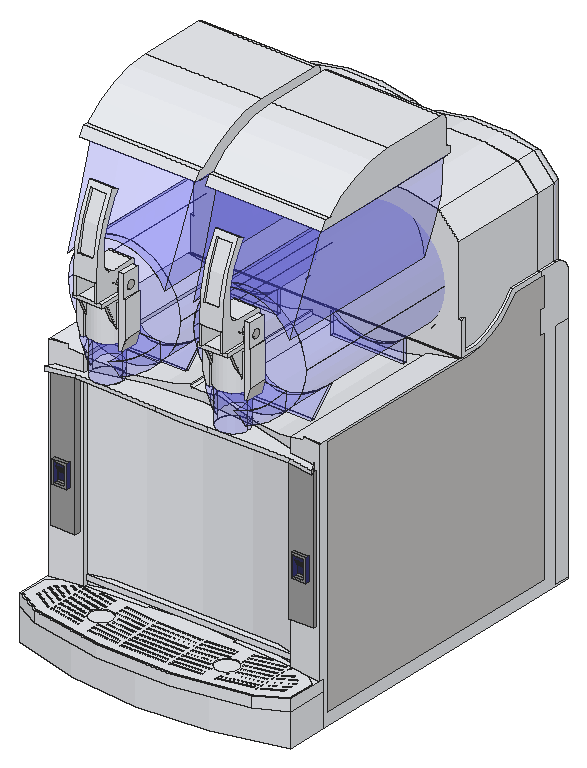
Revit family "QF_ELECTROLUXPROFESSIONAL_560023_NINA2ITNK", category Specialty Equipment, Revit 2018 (continued)
Automatic sketch dimensions
  curve 67 to curve 101 = 0.0 mm  (x2)
  curve 67 to curve 116 = 0.0 mm  (x2)
  curve 67 to curve 117 = 0.0 mm  (x2)
  curve 67 to curve 134 = 0.0 mm  (x2)
  curve 67 to curve 135 = 0.0 mm  (x2)
  curve 67 to curve 136 = 0.0 mm  (x2)
  curve 67 to curve 137 = 0.0 mm  (x2)
  curve 67 to curve 138 = 0.0 mm  (x2)
  curve 67 to curve 139 = 0.0 mm  (x2)
  curve 67 to curve 140 = 0.0 mm  (x2)
  curve 67 to curve 141 = 0.0 mm  (x2)
  curve 67 to curve 142 = 0.0 mm  (x2)
  curve 67 to curve 143 = 0.0 mm  (x2)
  curve 67 to curve 144 = 0.0 mm  (x2)
  curve 67 to curve 145 = 0.0 mm  (x2)
  curve 67 to curve 146 = 0.0 mm  (x2)
  curve 67 to curve 147 = 0.0 mm  (x2)
  curve 67 to curve 148 = 0.0 mm  (x2)
  curve 67 to curve 167 = 0.0 mm  (x2)
  curve 67 to curve 168 = 0.0 mm  (x2)
  curve 67 to curve 169 = 0.0 mm  (x2)
  curve 67 to curve 170 = 0.0 mm  (x2)
  curve 67 to curve 171 = 0.0 mm  (x2)
  curve 67 to curve 172 = 0.0 mm  (x2)
  curve 67 to curve 173 = 0.0 mm  (x2)
  curve 67 to curve 174 = 0.0 mm  (x2)
  curve 67 to curve 175 = 0.0 mm  (x2)
  curve 67 to curve 176 = 0.0 mm  (x2)
  curve 67 to curve 177 = 0.0 mm  (x2)
  curve 68 to curve 69 = 0.0 mm  (x2)
  curve 68 to curve 70 = 0.0 mm  (x2)
  curve 68 to curve 71 = 0.0 mm  (x2)
  curve 68 to curve 72 = 0.0 mm  (x2)
  curve 68 to curve 91 = 0.0 mm  (x2)
  curve 68 to curve 92 = 0.0 mm  (x2)
  curve 68 to curve 93 = 0.0 mm  (x2)
  curve 68 to curve 94 = 0.0 mm  (x2)
  curve 68 to curve 95 = 0.0 mm  (x2)
  curve 68 to curve 96 = 0.0 mm  (x2)
  curve 68 to curve 97 = 0.0 mm  (x2)
  curve 68 to curve 98 = 0.0 mm  (x2)
  curve 68 to curve 99 = 0.0 mm  (x2)
  curve 68 to curve 100 = 0.0 mm  (x2)
  curve 68 to curve 101 = 0.0 mm  (x2)
  curve 68 to curve 116 = 0.0 mm  (x2)
  curve 68 to curve 117 = 0.0 mm  (x2)
  curve 68 to curve 134 = 0.0 mm  (x2)
  curve 68 to curve 135 = 0.0 mm  (x2)
  curve 68 to curve 136 = 0.0 mm  (x2)
  curve 68 to curve 137 = 0.0 mm  (x2)
  curve 68 to curve 138 = 0.0 mm  (x2)
  curve 68 to curve 139 = 0.0 mm  (x2)
  curve 68 to curve 140 = 0.0 mm  (x2)
  curve 68 to curve 141 = 0.0 mm  (x2)
  curve 68 to curve 142 = 0.0 mm  (x2)
  curve 68 to curve 143 = 0.0 mm  (x2)
  curve 68 to curve 144 = 0.0 mm  (x2)
  curve 68 to curve 145 = 0.0 mm  (x2)
  curve 68 to curve 146 = 0.0 mm  (x2)
  curve 68 to curve 147 = 0.0 mm  (x2)
  curve 68 to curve 148 = 0.0 mm  (x2)
  curve 68 to curve 167 = 0.0 mm  (x2)
  curve 68 to curve 168 = 0.0 mm  (x2)
  curve 68 to curve 169 = 0.0 mm  (x2)
  curve 68 to curve 170 = 0.0 mm  (x2)
  curve 68 to curve 171 = 0.0 mm  (x2)
  curve 68 to curve 172 = 0.0 mm  (x2)
  curve 68 to curve 173 = 0.0 mm  (x2)
  curve 68 to curve 174 = 0.0 mm  (x2)
  curve 68 to curve 175 = 0.0 mm  (x2)
  curve 68 to curve 176 = 0.0 mm  (x2)
  curve 68 to curve 177 = 0.0 mm  (x2)
  curve 69 to curve 70 = 0.0 mm  (x2)
  curve 69 to curve 71 = 0.0 mm  (x2)
  curve 69 to curve 72 = 0.0 mm  (x2)
  curve 69 to curve 91 = 0.0 mm  (x2)
  curve 69 to curve 92 = 0.0 mm  (x2)
  curve 69 to curve 93 = 0.0 mm  (x2)
  curve 69 to curve 94 = 0.0 mm  (x2)
  curve 69 to curve 95 = 0.0 mm  (x2)
  curve 69 to curve 96 = 0.0 mm  (x2)
  curve 69 to curve 97 = 0.0 mm  (x2)
  curve 69 to curve 98 = 0.0 mm  (x2)
  curve 69 to curve 99 = 0.0 mm  (x2)
  curve 69 to curve 100 = 0.0 mm  (x2)
  curve 69 to curve 101 = 0.0 mm  (x2)
  curve 69 to curve 116 = 0.0 mm  (x2)
  curve 69 to curve 117 = 0.0 mm  (x2)
  curve 69 to curve 134 = 0.0 mm  (x2)
  curve 69 to curve 135 = 0.0 mm  (x2)
  curve 69 to curve 136 = 0.0 mm  (x2)
  curve 69 to curve 137 = 0.0 mm  (x2)
  curve 69 to curve 138 = 0.0 mm  (x2)
  curve 69 to curve 139 = 0.0 mm  (x2)
  curve 69 to curve 140 = 0.0 mm  (x2)
  curve 69 to curve 141 = 0.0 mm  (x2)
  curve 69 to curve 142 = 0.0 mm  (x2)
  curve 69 to curve 143 = 0.0 mm  (x2)
  curve 69 to curve 144 = 0.0 mm  (x2)
  curve 69 to curve 145 = 0.0 mm  (x2)
  curve 69 to curve 146 = 0.0 mm  (x2)
  curve 69 to curve 147 = 0.0 mm  (x2)
  curve 69 to curve 148 = 0.0 mm  (x2)
  curve 69 to curve 167 = 0.0 mm  (x2)
  curve 69 to curve 168 = 0.0 mm  (x2)
  curve 69 to curve 169 = 0.0 mm  (x2)
  curve 69 to curve 170 = 0.0 mm  (x2)
  curve 69 to curve 171 = 0.0 mm  (x2)
  curve 69 to curve 172 = 0.0 mm  (x2)
  curve 69 to curve 173 = 0.0 mm  (x2)
  curve 69 to curve 174 = 0.0 mm  (x2)
  curve 69 to curve 175 = 0.0 mm  (x2)
  curve 69 to curve 176 = 0.0 mm  (x2)
  curve 69 to curve 177 = 0.0 mm  (x2)
  curve 70 to curve 71 = 0.0 mm  (x2)
  curve 70 to curve 72 = 0.0 mm  (x2)
  curve 70 to curve 91 = 0.0 mm  (x2)
  curve 70 to curve 92 = 0.0 mm  (x2)
  curve 70 to curve 93 = 0.0 mm  (x2)
  curve 70 to curve 94 = 0.0 mm  (x2)
  curve 70 to curve 95 = 0.0 mm  (x2)
  curve 70 to curve 96 = 0.0 mm  (x2)
  curve 70 to curve 97 = 0.0 mm  (x2)
  curve 70 to curve 98 = 0.0 mm  (x2)
  curve 70 to curve 99 = 0.0 mm  (x2)
  curve 70 to curve 100 = 0.0 mm  (x2)
  curve 70 to curve 101 = 0.0 mm  (x2)
  curve 70 to curve 116 = 0.0 mm  (x2)
  curve 70 to curve 117 = 0.0 mm  (x2)
  curve 70 to curve 134 = 0.0 mm  (x2)
  curve 70 to curve 135 = 0.0 mm  (x2)
  curve 70 to curve 136 = 0.0 mm  (x2)
  curve 70 to curve 137 = 0.0 mm  (x2)
  curve 70 to curve 138 = 0.0 mm  (x2)
  curve 70 to curve 139 = 0.0 mm  (x2)
  curve 70 to curve 140 = 0.0 mm  (x2)
  curve 70 to curve 141 = 0.0 mm  (x2)
  curve 70 to curve 142 = 0.0 mm  (x2)
  curve 70 to curve 143 = 0.0 mm  (x2)
  curve 70 to curve 144 = 0.0 mm  (x2)
  curve 70 to curve 145 = 0.0 mm  (x2)
  curve 70 to curve 146 = 0.0 mm  (x2)
  curve 70 to curve 147 = 0.0 mm  (x2)
  curve 70 to curve 148 = 0.0 mm  (x2)
  curve 70 to curve 167 = 0.0 mm  (x2)
  curve 70 to curve 168 = 0.0 mm  (x2)
  curve 70 to curve 169 = 0.0 mm  (x2)
  curve 70 to curve 170 = 0.0 mm  (x2)
  curve 70 to curve 171 = 0.0 mm  (x2)
  curve 70 to curve 172 = 0.0 mm  (x2)
  curve 70 to curve 173 = 0.0 mm  (x2)
  curve 70 to curve 174 = 0.0 mm  (x2)
  curve 70 to curve 175 = 0.0 mm  (x2)
  curve 70 to curve 176 = 0.0 mm  (x2)
  curve 70 to curve 177 = 0.0 mm  (x2)
  curve 71 to curve 72 = 0.0 mm  (x2)
  curve 71 to curve 91 = 0.0 mm  (x2)
  curve 71 to curve 92 = 0.0 mm  (x2)
  curve 71 to curve 93 = 0.0 mm  (x2)
  curve 71 to curve 94 = 0.0 mm  (x2)
  curve 71 to curve 95 = 0.0 mm  (x2)
  curve 71 to curve 96 = 0.0 mm  (x2)
  curve 71 to curve 97 = 0.0 mm  (x2)
  curve 71 to curve 98 = 0.0 mm  (x2)
  curve 71 to curve 99 = 0.0 mm  (x2)
  curve 71 to curve 100 = 0.0 mm  (x2)
  curve 71 to curve 101 = 0.0 mm  (x2)
  curve 71 to curve 116 = 0.0 mm  (x2)
  curve 71 to curve 117 = 0.0 mm  (x2)
  curve 71 to curve 134 = 0.0 mm  (x2)
  curve 71 to curve 135 = 0.0 mm  (x2)
  curve 71 to curve 136 = 0.0 mm  (x2)
  curve 71 to curve 137 = 0.0 mm  (x2)
  curve 71 to curve 138 = 0.0 mm  (x2)
  curve 71 to curve 139 = 0.0 mm  (x2)
  curve 71 to curve 140 = 0.0 mm  (x2)
  curve 71 to curve 141 = 0.0 mm  (x2)
  curve 71 to curve 142 = 0.0 mm  (x2)
  curve 71 to curve 143 = 0.0 mm  (x2)
  curve 71 to curve 144 = 0.0 mm  (x2)
  curve 71 to curve 145 = 0.0 mm  (x2)
  curve 71 to curve 146 = 0.0 mm  (x2)
  curve 71 to curve 147 = 0.0 mm  (x2)
  curve 71 to curve 148 = 0.0 mm  (x2)
  curve 71 to curve 167 = 0.0 mm  (x2)
  curve 71 to curve 168 = 0.0 mm  (x2)
  curve 71 to curve 169 = 0.0 mm  (x2)
  curve 71 to curve 170 = 0.0 mm  (x2)
  curve 71 to curve 171 = 0.0 mm  (x2)
  curve 71 to curve 172 = 0.0 mm  (x2)
  curve 71 to curve 173 = 0.0 mm  (x2)
  curve 71 to curve 174 = 0.0 mm  (x2)
  curve 71 to curve 175 = 0.0 mm  (x2)
  curve 71 to curve 176 = 0.0 mm  (x2)
  curve 71 to curve 177 = 0.0 mm  (x2)
  curve 72 to curve 91 = 0.0 mm  (x2)
  curve 72 to curve 92 = 0.0 mm  (x2)
  curve 72 to curve 93 = 0.0 mm  (x2)
  curve 72 to curve 94 = 0.0 mm  (x2)
  curve 72 to curve 95 = 0.0 mm  (x2)
  curve 72 to curve 96 = 0.0 mm  (x2)
  curve 72 to curve 97 = 0.0 mm  (x2)
  curve 72 to curve 98 = 0.0 mm  (x2)
  curve 72 to curve 99 = 0.0 mm  (x2)
  curve 72 to curve 100 = 0.0 mm  (x2)
  curve 72 to curve 101 = 0.0 mm  (x2)
  curve 72 to curve 116 = 0.0 mm  (x2)
  curve 72 to curve 117 = 0.0 mm  (x2)
  curve 72 to curve 134 = 0.0 mm  (x2)
  curve 72 to curve 135 = 0.0 mm  (x2)
  curve 72 to curve 136 = 0.0 mm  (x2)
  curve 72 to curve 137 = 0.0 mm  (x2)
  curve 72 to curve 138 = 0.0 mm  (x2)
  curve 72 to curve 139 = 0.0 mm  (x2)
  curve 72 to curve 140 = 0.0 mm  (x2)
  curve 72 to curve 141 = 0.0 mm  (x2)
  curve 72 to curve 142 = 0.0 mm  (x2)
  curve 72 to curve 143 = 0.0 mm  (x2)
  curve 72 to curve 144 = 0.0 mm  (x2)
  curve 72 to curve 145 = 0.0 mm  (x2)
  curve 72 to curve 146 = 0.0 mm  (x2)
  curve 72 to curve 147 = 0.0 mm  (x2)
  curve 72 to curve 148 = 0.0 mm  (x2)
  curve 72 to curve 167 = 0.0 mm  (x2)
  curve 72 to curve 168 = 0.0 mm  (x2)
  curve 72 to curve 169 = 0.0 mm  (x2)
  curve 72 to curve 170 = 0.0 mm  (x2)
  curve 72 to curve 171 = 0.0 mm  (x2)
  curve 72 to curve 172 = 0.0 mm  (x2)
  curve 72 to curve 173 = 0.0 mm  (x2)
  curve 72 to curve 174 = 0.0 mm  (x2)
  curve 72 to curve 175 = 0.0 mm  (x2)
  curve 72 to curve 176 = 0.0 mm  (x2)
  curve 72 to curve 177 = 0.0 mm  (x2)
  curve 91 to curve 92 = 0.0 mm  (x2)
  curve 91 to curve 93 = 0.0 mm  (x2)
  curve 91 to curve 94 = 0.0 mm  (x2)
  curve 91 to curve 95 = 0.0 mm  (x2)
  curve 91 to curve 96 = 0.0 mm  (x2)
  curve 91 to curve 97 = 0.0 mm  (x2)
  curve 91 to curve 98 = 0.0 mm  (x2)
  curve 91 to curve 99 = 0.0 mm  (x2)
  curve 91 to curve 100 = 0.0 mm  (x2)
  curve 91 to curve 101 = 0.0 mm  (x2)
  curve 91 to curve 116 = 0.0 mm  (x2)
  curve 91 to curve 117 = 0.0 mm  (x2)
  curve 91 to curve 134 = 0.0 mm  (x2)
  curve 91 to curve 135 = 0.0 mm  (x2)
  curve 91 to curve 136 = 0.0 mm  (x2)
  curve 91 to curve 137 = 0.0 mm  (x2)
  curve 91 to curve 138 = 0.0 mm  (x2)
  curve 91 to curve 139 = 0.0 mm  (x2)
  curve 91 to curve 140 = 0.0 mm  (x2)
  curve 91 to curve 141 = 0.0 mm  (x2)
  curve 91 to curve 142 = 0.0 mm  (x2)
  curve 91 to curve 143 = 0.0 mm  (x2)
  curve 91 to curve 144 = 0.0 mm  (x2)
  curve 91 to curve 145 = 0.0 mm  (x2)
  curve 91 to curve 146 = 0.0 mm  (x2)
  curve 91 to curve 147 = 0.0 mm  (x2)
  curve 91 to curve 148 = 0.0 mm  (x2)
  curve 91 to curve 167 = 0.0 mm  (x2)
  curve 91 to curve 168 = 0.0 mm  (x2)
  curve 91 to curve 169 = 0.0 mm  (x2)
  curve 91 to curve 170 = 0.0 mm  (x2)
  curve 91 to curve 171 = 0.0 mm  (x2)
  curve 91 to curve 172 = 0.0 mm  (x2)
  curve 91 to curve 173 = 0.0 mm  (x2)
  curve 91 to curve 174 = 0.0 mm  (x2)
  curve 91 to curve 175 = 0.0 mm  (x2)
  curve 91 to curve 176 = 0.0 mm  (x2)
  curve 91 to curve 177 = 0.0 mm  (x2)
  curve 92 to curve 93 = 0.0 mm  (x2)
  curve 92 to curve 94 = 0.0 mm  (x2)
  curve 92 to curve 95 = 0.0 mm  (x2)
  curve 92 to curve 96 = 0.0 mm  (x2)
  curve 92 to curve 97 = 0.0 mm  (x2)
  curve 92 to curve 98 = 0.0 mm  (x2)
  curve 92 to curve 99 = 0.0 mm  (x2)
  curve 92 to curve 100 = 0.0 mm  (x2)
  curve 92 to curve 101 = 0.0 mm  (x2)
  curve 92 to curve 116 = 0.0 mm  (x2)
  curve 92 to curve 117 = 0.0 mm  (x2)
  curve 92 to curve 134 = 0.0 mm  (x2)
  curve 92 to curve 135 = 0.0 mm  (x2)
  curve 92 to curve 136 = 0.0 mm  (x2)
  curve 92 to curve 137 = 0.0 mm  (x2)
  curve 92 to curve 138 = 0.0 mm  (x2)
  curve 92 to curve 139 = 0.0 mm  (x2)
  curve 92 to curve 140 = 0.0 mm  (x2)
  curve 92 to curve 141 = 0.0 mm  (x2)
  curve 92 to curve 142 = 0.0 mm  (x2)
  curve 92 to curve 143 = 0.0 mm  (x2)
  curve 92 to curve 144 = 0.0 mm  (x2)
  curve 92 to curve 145 = 0.0 mm  (x2)
  curve 92 to curve 146 = 0.0 mm  (x2)
  curve 92 to curve 147 = 0.0 mm  (x2)
  curve 92 to curve 148 = 0.0 mm  (x2)
  curve 92 to curve 167 = 0.0 mm  (x2)
  curve 92 to curve 168 = 0.0 mm  (x2)
  curve 92 to curve 169 = 0.0 mm  (x2)
  curve 92 to curve 170 = 0.0 mm  (x2)
  curve 92 to curve 171 = 0.0 mm  (x2)
  curve 92 to curve 172 = 0.0 mm  (x2)
  curve 92 to curve 173 = 0.0 mm  (x2)
  curve 92 to curve 174 = 0.0 mm  (x2)
  curve 92 to curve 175 = 0.0 mm  (x2)
  curve 92 to curve 176 = 0.0 mm  (x2)
  curve 92 to curve 177 = 0.0 mm  (x2)
  curve 93 to curve 94 = 0.0 mm  (x2)
  curve 93 to curve 95 = 0.0 mm  (x2)
  curve 93 to curve 96 = 0.0 mm  (x2)
  curve 93 to curve 97 = 0.0 mm  (x2)
  curve 93 to curve 98 = 0.0 mm  (x2)
  curve 93 to curve 99 = 0.0 mm  (x2)
  curve 93 to curve 100 = 0.0 mm  (x2)
  curve 93 to curve 101 = 0.0 mm  (x2)
  curve 93 to curve 116 = 0.0 mm  (x2)
  curve 93 to curve 117 = 0.0 mm  (x2)
  curve 93 to curve 134 = 0.0 mm  (x2)
  curve 93 to curve 135 = 0.0 mm  (x2)
  curve 93 to curve 136 = 0.0 mm  (x2)
  curve 93 to curve 137 = 0.0 mm  (x2)
  curve 93 to curve 138 = 0.0 mm  (x2)
  curve 93 to curve 139 = 0.0 mm  (x2)
  curve 93 to curve 140 = 0.0 mm  (x2)
  curve 93 to curve 141 = 0.0 mm  (x2)
  curve 93 to curve 142 = 0.0 mm  (x2)
  curve 93 to curve 143 = 0.0 mm  (x2)
  curve 93 to curve 144 = 0.0 mm  (x2)
  curve 93 to curve 145 = 0.0 mm  (x2)
  curve 93 to curve 146 = 0.0 mm  (x2)
  curve 93 to curve 147 = 0.0 mm  (x2)
  curve 93 to curve 148 = 0.0 mm  (x2)
  curve 93 to curve 167 = 0.0 mm  (x2)
  curve 93 to curve 168 = 0.0 mm  (x2)
  curve 93 to curve 169 = 0.0 mm  (x2)
  curve 93 to curve 170 = 0.0 mm  (x2)
  curve 93 to curve 171 = 0.0 mm  (x2)
  curve 93 to curve 172 = 0.0 mm  (x2)
  curve 93 to curve 173 = 0.0 mm  (x2)
  curve 93 to curve 174 = 0.0 mm  (x2)
  curve 93 to curve 175 = 0.0 mm  (x2)
  curve 93 to curve 176 = 0.0 mm  (x2)
  curve 93 to curve 177 = 0.0 mm  (x2)
  curve 94 to curve 95 = 0.0 mm  (x2)
  curve 94 to curve 96 = 0.0 mm  (x2)
  curve 94 to curve 97 = 0.0 mm  (x2)
  curve 94 to curve 98 = 0.0 mm  (x2)
  curve 94 to curve 99 = 0.0 mm  (x2)
  curve 94 to curve 100 = 0.0 mm  (x2)
  curve 94 to curve 101 = 0.0 mm  (x2)
  curve 94 to curve 116 = 0.0 mm  (x2)
  curve 94 to curve 117 = 0.0 mm  (x2)
  curve 94 to curve 134 = 0.0 mm  (x2)
  curve 94 to curve 135 = 0.0 mm  (x2)
  curve 94 to curve 136 = 0.0 mm  (x2)
  curve 94 to curve 137 = 0.0 mm  (x2)
  curve 94 to curve 138 = 0.0 mm  (x2)
  curve 94 to curve 139 = 0.0 mm  (x2)
  curve 94 to curve 140 = 0.0 mm  (x2)
  curve 94 to curve 141 = 0.0 mm  (x2)
  curve 94 to curve 142 = 0.0 mm  (x2)
  curve 94 to curve 143 = 0.0 mm  (x2)
  curve 94 to curve 144 = 0.0 mm  (x2)
  curve 94 to curve 145 = 0.0 mm  (x2)
  curve 94 to curve 146 = 0.0 mm  (x2)
  curve 94 to curve 147 = 0.0 mm  (x2)
  curve 94 to curve 148 = 0.0 mm  (x2)
  curve 94 to curve 167 = 0.0 mm  (x2)
  curve 94 to curve 168 = 0.0 mm  (x2)
  curve 94 to curve 169 = 0.0 mm  (x2)
  curve 94 to curve 170 = 0.0 mm  (x2)
  curve 94 to curve 171 = 0.0 mm  (x2)
  curve 94 to curve 172 = 0.0 mm  (x2)
  curve 94 to curve 173 = 0.0 mm  (x2)
  curve 94 to curve 174 = 0.0 mm  (x2)
  curve 94 to curve 175 = 0.0 mm  (x2)
  curve 94 to curve 176 = 0.0 mm  (x2)
  curve 94 to curve 177 = 0.0 mm  (x2)
  curve 95 to curve 96 = 0.0 mm  (x2)
  curve 95 to curve 97 = 0.0 mm  (x2)
  curve 95 to curve 98 = 0.0 mm  (x2)
  curve 95 to curve 99 = 0.0 mm  (x2)
  curve 95 to curve 100 = 0.0 mm  (x2)
  curve 95 to curve 101 = 0.0 mm  (x2)
  curve 95 to curve 116 = 0.0 mm  (x2)
  curve 95 to curve 117 = 0.0 mm  (x2)
  curve 95 to curve 134 = 0.0 mm  (x2)
  curve 95 to curve 135 = 0.0 mm  (x2)
  curve 95 to curve 136 = 0.0 mm  (x2)
  curve 95 to curve 137 = 0.0 mm  (x2)
  curve 95 to curve 138 = 0.0 mm  (x2)
  curve 95 to curve 139 = 0.0 mm  (x2)
  curve 95 to curve 140 = 0.0 mm  (x2)
  curve 95 to curve 141 = 0.0 mm  (x2)
  curve 95 to curve 142 = 0.0 mm  (x2)
  curve 95 to curve 143 = 0.0 mm  (x2)
  curve 95 to curve 144 = 0.0 mm  (x2)
  curve 95 to curve 145 = 0.0 mm  (x2)
  curve 95 to curve 146 = 0.0 mm  (x2)
  curve 95 to curve 147 = 0.0 mm  (x2)
  curve 95 to curve 148 = 0.0 mm  (x2)
  curve 95 to curve 167 = 0.0 mm  (x2)
  curve 95 to curve 168 = 0.0 mm  (x2)
  curve 95 to curve 169 = 0.0 mm  (x2)
  curve 95 to curve 170 = 0.0 mm  (x2)
  curve 95 to curve 171 = 0.0 mm  (x2)
  curve 95 to curve 172 = 0.0 mm  (x2)
  curve 95 to curve 173 = 0.0 mm  (x2)
  curve 95 to curve 174 = 0.0 mm  (x2)
  curve 95 to curve 175 = 0.0 mm  (x2)
  curve 95 to curve 176 = 0.0 mm  (x2)
  curve 95 to curve 177 = 0.0 mm  (x2)
  curve 96 to curve 97 = 0.0 mm  (x2)
  curve 96 to curve 98 = 0.0 mm  (x2)
  curve 96 to curve 99 = 0.0 mm  (x2)
  curve 96 to curve 100 = 0.0 mm  (x2)
  curve 96 to curve 101 = 0.0 mm  (x2)
  curve 96 to curve 116 = 0.0 mm  (x2)
  curve 96 to curve 117 = 0.0 mm  (x2)
  curve 96 to curve 134 = 0.0 mm  (x2)
  curve 96 to curve 135 = 0.0 mm  (x2)
  curve 96 to curve 136 = 0.0 mm  (x2)
  curve 96 to curve 137 = 0.0 mm  (x2)
  curve 96 to curve 138 = 0.0 mm  (x2)
  curve 96 to curve 139 = 0.0 mm  (x2)
  curve 96 to curve 140 = 0.0 mm  (x2)
  curve 96 to curve 141 = 0.0 mm  (x2)
  curve 96 to curve 142 = 0.0 mm  (x2)
  curve 96 to curve 143 = 0.0 mm  (x2)
  curve 96 to curve 144 = 0.0 mm  (x2)
  curve 96 to curve 145 = 0.0 mm  (x2)
  curve 96 to curve 146 = 0.0 mm  (x2)
  curve 96 to curve 147 = 0.0 mm  (x2)
  curve 96 to curve 148 = 0.0 mm  (x2)
  curve 96 to curve 167 = 0.0 mm  (x2)
  curve 96 to curve 168 = 0.0 mm  (x2)
  curve 96 to curve 169 = 0.0 mm  (x2)
  curve 96 to curve 170 = 0.0 mm  (x2)
  curve 96 to curve 171 = 0.0 mm  (x2)
  curve 96 to curve 172 = 0.0 mm  (x2)
  curve 96 to curve 173 = 0.0 mm  (x2)
  curve 96 to curve 174 = 0.0 mm  (x2)
  curve 96 to curve 175 = 0.0 mm  (x2)
  curve 96 to curve 176 = 0.0 mm  (x2)
  curve 96 to curve 177 = 0.0 mm  (x2)
  curve 97 to curve 98 = 0.0 mm  (x2)
  curve 97 to curve 99 = 0.0 mm  (x2)
  curve 97 to curve 100 = 0.0 mm  (x2)
  curve 97 to curve 101 = 0.0 mm  (x2)
  curve 97 to curve 116 = 0.0 mm  (x2)
  curve 97 to curve 117 = 0.0 mm  (x2)
  curve 97 to curve 134 = 0.0 mm  (x2)
  curve 97 to curve 135 = 0.0 mm  (x2)
  curve 97 to curve 136 = 0.0 mm  (x2)
  curve 97 to curve 137 = 0.0 mm  (x2)
  curve 97 to curve 138 = 0.0 mm  (x2)
  curve 97 to curve 139 = 0.0 mm  (x2)
  curve 97 to curve 140 = 0.0 mm  (x2)
  curve 97 to curve 141 = 0.0 mm  (x2)
  curve 97 to curve 142 = 0.0 mm  (x2)
  curve 97 to curve 143 = 0.0 mm  (x2)
  curve 97 to curve 144 = 0.0 mm  (x2)
  curve 97 to curve 145 = 0.0 mm  (x2)
  curve 97 to curve 146 = 0.0 mm  (x2)
  curve 97 to curve 147 = 0.0 mm  (x2)
  curve 97 to curve 148 = 0.0 mm  (x2)
  curve 97 to curve 167 = 0.0 mm  (x2)
  curve 97 to curve 168 = 0.0 mm  (x2)
  curve 97 to curve 169 = 0.0 mm  (x2)
  curve 97 to curve 170 = 0.0 mm  (x2)
  curve 97 to curve 171 = 0.0 mm  (x2)
  curve 97 to curve 172 = 0.0 mm  (x2)
  curve 97 to curve 173 = 0.0 mm  (x2)
  curve 97 to curve 174 = 0.0 mm  (x2)
  curve 97 to curve 175 = 0.0 mm  (x2)
  curve 97 to curve 176 = 0.0 mm  (x2)
  curve 97 to curve 177 = 0.0 mm  (x2)
  curve 98 to curve 99 = 0.0 mm  (x2)
  curve 98 to curve 100 = 0.0 mm  (x2)
  curve 98 to curve 101 = 0.0 mm  (x2)
  curve 98 to curve 116 = 0.0 mm  (x2)
  curve 98 to curve 117 = 0.0 mm  (x2)
  curve 98 to curve 134 = 0.0 mm  (x2)
  curve 98 to curve 135 = 0.0 mm  (x2)
  curve 98 to curve 136 = 0.0 mm  (x2)
  curve 98 to curve 137 = 0.0 mm  (x2)
  curve 98 to curve 138 = 0.0 mm  (x2)
  curve 98 to curve 139 = 0.0 mm  (x2)
  curve 98 to curve 140 = 0.0 mm  (x2)
  curve 98 to curve 141 = 0.0 mm  (x2)
  curve 98 to curve 142 = 0.0 mm  (x2)
  curve 98 to curve 143 = 0.0 mm  (x2)
  curve 98 to curve 144 = 0.0 mm  (x2)
  curve 98 to curve 145 = 0.0 mm  (x2)
  curve 98 to curve 146 = 0.0 mm  (x2)
  curve 98 to curve 147 = 0.0 mm  (x2)
  curve 98 to curve 148 = 0.0 mm  (x2)
  curve 98 to curve 167 = 0.0 mm  (x2)
  curve 98 to curve 168 = 0.0 mm  (x2)
  curve 98 to curve 169 = 0.0 mm  (x2)
  curve 98 to curve 170 = 0.0 mm  (x2)
  curve 98 to curve 171 = 0.0 mm  (x2)
  curve 98 to curve 172 = 0.0 mm  (x2)
  curve 98 to curve 173 = 0.0 mm  (x2)
  curve 98 to curve 174 = 0.0 mm  (x2)
  curve 98 to curve 175 = 0.0 mm  (x2)
  curve 98 to curve 176 = 0.0 mm  (x2)
  curve 98 to curve 177 = 0.0 mm  (x2)
  curve 99 to curve 100 = 0.0 mm  (x2)
  curve 99 to curve 101 = 0.0 mm  (x2)
  curve 99 to curve 116 = 0.0 mm  (x2)
  curve 99 to curve 117 = 0.0 mm  (x2)
  curve 99 to curve 134 = 0.0 mm  (x2)
  curve 99 to curve 135 = 0.0 mm  (x2)
  curve 99 to curve 136 = 0.0 mm  (x2)
  curve 99 to curve 137 = 0.0 mm  (x2)
  curve 99 to curve 138 = 0.0 mm  (x2)
  curve 99 to curve 139 = 0.0 mm  (x2)
  curve 99 to curve 140 = 0.0 mm  (x2)
  curve 99 to curve 141 = 0.0 mm  (x2)
  curve 99 to curve 142 = 0.0 mm  (x2)
  curve 99 to curve 143 = 0.0 mm  (x2)
  curve 99 to curve 144 = 0.0 mm  (x2)
  curve 99 to curve 145 = 0.0 mm  (x2)
  curve 99 to curve 146 = 0.0 mm  (x2)
  curve 99 to curve 147 = 0.0 mm  (x2)
  curve 99 to curve 148 = 0.0 mm  (x2)
  curve 99 to curve 167 = 0.0 mm  (x2)
  curve 99 to curve 168 = 0.0 mm  (x2)
  curve 99 to curve 169 = 0.0 mm  (x2)
  curve 99 to curve 170 = 0.0 mm  (x2)
  curve 99 to curve 171 = 0.0 mm  (x2)
  curve 99 to curve 172 = 0.0 mm  (x2)
  curve 99 to curve 173 = 0.0 mm  (x2)
  curve 99 to curve 174 = 0.0 mm  (x2)
  curve 99 to curve 175 = 0.0 mm  (x2)
  curve 99 to curve 176 = 0.0 mm  (x2)
  curve 99 to curve 177 = 0.0 mm  (x2)
  curve 100 to curve 101 = 0.0 mm  (x2)
  curve 100 to curve 116 = 0.0 mm  (x2)
  curve 100 to curve 117 = 0.0 mm  (x2)
  curve 100 to curve 134 = 0.0 mm  (x2)
  curve 100 to curve 135 = 0.0 mm  (x2)
  curve 100 to curve 136 = 0.0 mm  (x2)
  curve 100 to curve 137 = 0.0 mm  (x2)
  curve 100 to curve 138 = 0.0 mm  (x2)
  curve 100 to curve 139 = 0.0 mm  (x2)
  curve 100 to curve 140 = 0.0 mm  (x2)
  curve 100 to curve 141 = 0.0 mm  (x2)
  curve 100 to curve 142 = 0.0 mm  (x2)
  curve 100 to curve 143 = 0.0 mm  (x2)
  curve 100 to curve 144 = 0.0 mm  (x2)
  curve 100 to curve 145 = 0.0 mm  (x2)
  curve 100 to curve 146 = 0.0 mm  (x2)
  curve 100 to curve 147 = 0.0 mm  (x2)
  curve 100 to curve 148 = 0.0 mm  (x2)
  curve 100 to curve 167 = 0.0 mm  (x2)
  curve 100 to curve 168 = 0.0 mm  (x2)
  curve 100 to curve 169 = 0.0 mm  (x2)
  curve 100 to curve 170 = 0.0 mm  (x2)
  curve 100 to curve 171 = 0.0 mm  (x2)
  curve 100 to curve 172 = 0.0 mm  (x2)
  curve 100 to curve 173 = 0.0 mm  (x2)
  curve 100 to curve 174 = 0.0 mm  (x2)
  curve 100 to curve 175 = 0.0 mm  (x2)
  curve 100 to curve 176 = 0.0 mm  (x2)
  curve 100 to curve 177 = 0.0 mm  (x2)
  curve 101 to curve 116 = 0.0 mm  (x2)
  curve 101 to curve 117 = 0.0 mm  (x2)
  curve 101 to curve 134 = 0.0 mm  (x2)
  curve 101 to curve 135 = 0.0 mm  (x2)
  curve 101 to curve 136 = 0.0 mm  (x2)
  curve 101 to curve 137 = 0.0 mm  (x2)
  curve 101 to curve 138 = 0.0 mm  (x2)
  curve 101 to curve 139 = 0.0 mm  (x2)
  curve 101 to curve 140 = 0.0 mm  (x2)
  curve 101 to curve 141 = 0.0 mm  (x2)
  curve 101 to curve 142 = 0.0 mm  (x2)
  curve 101 to curve 143 = 0.0 mm  (x2)
  curve 101 to curve 144 = 0.0 mm  (x2)
  curve 101 to curve 145 = 0.0 mm  (x2)
  curve 101 to curve 146 = 0.0 mm  (x2)
  curve 101 to curve 147 = 0.0 mm  (x2)
  curve 101 to curve 148 = 0.0 mm  (x2)
  curve 101 to curve 167 = 0.0 mm  (x2)
  curve 101 to curve 168 = 0.0 mm  (x2)
  curve 101 to curve 169 = 0.0 mm  (x2)
  curve 101 to curve 170 = 0.0 mm  (x2)
  curve 101 to curve 171 = 0.0 mm  (x2)
  curve 101 to curve 172 = 0.0 mm  (x2)
  curve 101 to curve 173 = 0.0 mm  (x2)
  curve 101 to curve 174 = 0.0 mm  (x2)
  curve 101 to curve 175 = 0.0 mm  (x2)
  curve 101 to curve 176 = 0.0 mm  (x2)
  curve 101 to curve 177 = 0.0 mm  (x2)
  curve 116 to curve 117 = 0.0 mm  (x2)
  curve 116 to curve 134 = 0.0 mm  (x2)
  curve 116 to curve 135 = 0.0 mm  (x2)
  curve 116 to curve 136 = 0.0 mm  (x2)
  curve 116 to curve 137 = 0.0 mm  (x2)
  curve 116 to curve 138 = 0.0 mm  (x2)
  curve 116 to curve 139 = 0.0 mm  (x2)
  curve 116 to curve 140 = 0.0 mm  (x2)
  curve 116 to curve 141 = 0.0 mm  (x2)
  curve 116 to curve 142 = 0.0 mm  (x2)
  curve 116 to curve 143 = 0.0 mm  (x2)
  curve 116 to curve 144 = 0.0 mm  (x2)
  curve 116 to curve 145 = 0.0 mm  (x2)
  curve 116 to curve 146 = 0.0 mm  (x2)
  curve 116 to curve 147 = 0.0 mm  (x2)
  curve 116 to curve 148 = 0.0 mm  (x2)
  curve 116 to curve 167 = 0.0 mm  (x2)
  curve 116 to curve 168 = 0.0 mm  (x2)
  curve 116 to curve 169 = 0.0 mm  (x2)
  curve 116 to curve 170 = 0.0 mm  (x2)
  curve 116 to curve 171 = 0.0 mm  (x2)
  curve 116 to curve 172 = 0.0 mm  (x2)
  curve 116 to curve 173 = 0.0 mm  (x2)
  curve 116 to curve 174 = 0.0 mm  (x2)
  curve 116 to curve 175 = 0.0 mm  (x2)
  curve 116 to curve 176 = 0.0 mm  (x2)
  curve 116 to curve 177 = 0.0 mm  (x2)
  curve 117 to curve 134 = 0.0 mm  (x2)
  curve 117 to curve 135 = 0.0 mm  (x2)
  curve 117 to curve 136 = 0.0 mm  (x2)
  curve 117 to curve 137 = 0.0 mm  (x2)
  curve 117 to curve 138 = 0.0 mm  (x2)
  curve 117 to curve 139 = 0.0 mm  (x2)
  curve 117 to curve 140 = 0.0 mm  (x2)
  curve 117 to curve 141 = 0.0 mm  (x2)
  curve 117 to curve 142 = 0.0 mm  (x2)
  curve 117 to curve 143 = 0.0 mm  (x2)
  curve 117 to curve 144 = 0.0 mm  (x2)
  curve 117 to curve 145 = 0.0 mm  (x2)
  curve 117 to curve 146 = 0.0 mm  (x2)
  curve 117 to curve 147 = 0.0 mm  (x2)
  curve 117 to curve 148 = 0.0 mm  (x2)
  curve 117 to curve 167 = 0.0 mm  (x2)
  curve 117 to curve 168 = 0.0 mm  (x2)
  curve 117 to curve 169 = 0.0 mm  (x2)
  curve 117 to curve 170 = 0.0 mm  (x2)
  curve 117 to curve 171 = 0.0 mm  (x2)
  curve 117 to curve 172 = 0.0 mm  (x2)
  curve 117 to curve 173 = 0.0 mm  (x2)
  curve 117 to curve 174 = 0.0 mm  (x2)
  curve 117 to curve 175 = 0.0 mm  (x2)
  curve 117 to curve 176 = 0.0 mm  (x2)
  curve 117 to curve 177 = 0.0 mm  (x2)
  curve 134 to curve 135 = 0.0 mm  (x2)
  curve 134 to curve 136 = 0.0 mm  (x2)
  curve 134 to curve 137 = 0.0 mm  (x2)
  curve 134 to curve 138 = 0.0 mm  (x2)
  curve 134 to curve 139 = 0.0 mm  (x2)
  curve 134 to curve 140 = 0.0 mm  (x2)
  curve 134 to curve 141 = 0.0 mm  (x2)
  curve 134 to curve 142 = 0.0 mm  (x2)
  curve 134 to curve 143 = 0.0 mm  (x2)
  curve 134 to curve 144 = 0.0 mm  (x2)
  curve 134 to curve 145 = 0.0 mm  (x2)
  curve 134 to curve 146 = 0.0 mm  (x2)
  curve 134 to curve 147 = 0.0 mm  (x2)
  curve 134 to curve 148 = 0.0 mm  (x2)
  curve 134 to curve 167 = 0.0 mm  (x2)
  curve 134 to curve 168 = 0.0 mm  (x2)
  curve 134 to curve 169 = 0.0 mm  (x2)
  curve 134 to curve 170 = 0.0 mm  (x2)
  curve 134 to curve 171 = 0.0 mm  (x2)
  curve 134 to curve 172 = 0.0 mm  (x2)
  curve 134 to curve 173 = 0.0 mm  (x2)
  curve 134 to curve 174 = 0.0 mm  (x2)
  curve 134 to curve 175 = 0.0 mm  (x2)
  curve 134 to curve 176 = 0.0 mm  (x2)
  curve 134 to curve 177 = 0.0 mm  (x2)
  curve 135 to curve 136 = 0.0 mm  (x2)
  curve 135 to curve 137 = 0.0 mm  (x2)
  curve 135 to curve 138 = 0.0 mm  (x2)
  curve 135 to curve 139 = 0.0 mm  (x2)
  curve 135 to curve 140 = 0.0 mm  (x2)
  curve 135 to curve 141 = 0.0 mm  (x2)
  curve 135 to curve 142 = 0.0 mm  (x2)
  curve 135 to curve 143 = 0.0 mm  (x2)
  curve 135 to curve 144 = 0.0 mm  (x2)
  curve 135 to curve 145 = 0.0 mm  (x2)
  curve 135 to curve 146 = 0.0 mm  (x2)
  curve 135 to curve 147 = 0.0 mm  (x2)
  curve 135 to curve 148 = 0.0 mm  (x2)
  curve 135 to curve 167 = 0.0 mm  (x2)
  curve 135 to curve 168 = 0.0 mm  (x2)
  curve 135 to curve 169 = 0.0 mm  (x2)
  curve 135 to curve 170 = 0.0 mm  (x2)
  curve 135 to curve 171 = 0.0 mm  (x2)
  curve 135 to curve 172 = 0.0 mm  (x2)
  curve 135 to curve 173 = 0.0 mm  (x2)
  curve 135 to curve 174 = 0.0 mm  (x2)
  curve 135 to curve 175 = 0.0 mm  (x2)
  curve 135 to curve 176 = 0.0 mm  (x2)
  curve 135 to curve 177 = 0.0 mm  (x2)
  curve 136 to curve 137 = 0.0 mm  (x2)
  curve 136 to curve 138 = 0.0 mm  (x2)
  curve 136 to curve 139 = 0.0 mm  (x2)
  curve 136 to curve 140 = 0.0 mm  (x2)
  curve 136 to curve 141 = 0.0 mm  (x2)
  curve 136 to curve 142 = 0.0 mm  (x2)
  curve 136 to curve 143 = 0.0 mm  (x2)
  curve 136 to curve 144 = 0.0 mm  (x2)
  curve 136 to curve 145 = 0.0 mm  (x2)
  curve 136 to curve 146 = 0.0 mm  (x2)
  curve 136 to curve 147 = 0.0 mm  (x2)
  curve 136 to curve 148 = 0.0 mm  (x2)
  curve 136 to curve 167 = 0.0 mm  (x2)
  curve 136 to curve 168 = 0.0 mm  (x2)
  curve 136 to curve 169 = 0.0 mm  (x2)
  curve 136 to curve 170 = 0.0 mm  (x2)
  curve 136 to curve 171 = 0.0 mm  (x2)
  curve 136 to curve 172 = 0.0 mm  (x2)
  curve 136 to curve 173 = 0.0 mm  (x2)
  curve 136 to curve 174 = 0.0 mm  (x2)
  curve 136 to curve 175 = 0.0 mm  (x2)
  curve 136 to curve 176 = 0.0 mm  (x2)
  curve 136 to curve 177 = 0.0 mm  (x2)
  curve 137 to curve 138 = 0.0 mm  (x2)
  curve 137 to curve 139 = 0.0 mm  (x2)
  curve 137 to curve 140 = 0.0 mm  (x2)
  curve 137 to curve 141 = 0.0 mm  (x2)
  curve 137 to curve 142 = 0.0 mm  (x2)
  curve 137 to curve 143 = 0.0 mm  (x2)
  curve 137 to curve 144 = 0.0 mm  (x2)
  curve 137 to curve 145 = 0.0 mm  (x2)
  curve 137 to curve 146 = 0.0 mm  (x2)
  curve 137 to curve 147 = 0.0 mm  (x2)
  curve 137 to curve 148 = 0.0 mm  (x2)
  curve 137 to curve 167 = 0.0 mm  (x2)
  curve 137 to curve 168 = 0.0 mm  (x2)
  curve 137 to curve 169 = 0.0 mm  (x2)
  curve 137 to curve 170 = 0.0 mm  (x2)
  curve 137 to curve 171 = 0.0 mm  (x2)
  curve 137 to curve 172 = 0.0 mm  (x2)
  curve 137 to curve 173 = 0.0 mm  (x2)
  curve 137 to curve 174 = 0.0 mm  (x2)
  curve 137 to curve 175 = 0.0 mm  (x2)
  curve 137 to curve 176 = 0.0 mm  (x2)
  curve 137 to curve 177 = 0.0 mm  (x2)
  curve 138 to curve 139 = 0.0 mm  (x2)
  curve 138 to curve 140 = 0.0 mm  (x2)
  curve 138 to curve 141 = 0.0 mm  (x2)
  curve 138 to curve 142 = 0.0 mm  (x2)
  curve 138 to curve 143 = 0.0 mm  (x2)
  curve 138 to curve 144 = 0.0 mm  (x2)
  curve 138 to curve 145 = 0.0 mm  (x2)
  curve 138 to curve 146 = 0.0 mm  (x2)
  curve 138 to curve 147 = 0.0 mm  (x2)
  curve 138 to curve 148 = 0.0 mm  (x2)
  curve 138 to curve 167 = 0.0 mm  (x2)
  curve 138 to curve 168 = 0.0 mm  (x2)
  curve 138 to curve 169 = 0.0 mm  (x2)
  curve 138 to curve 170 = 0.0 mm  (x2)
  curve 138 to curve 171 = 0.0 mm  (x2)
  curve 138 to curve 172 = 0.0 mm  (x2)
  curve 138 to curve 173 = 0.0 mm  (x2)
  curve 138 to curve 174 = 0.0 mm  (x2)
  curve 138 to curve 175 = 0.0 mm  (x2)
  curve 138 to curve 176 = 0.0 mm  (x2)
  curve 138 to curve 177 = 0.0 mm  (x2)
  curve 139 to curve 140 = 0.0 mm  (x2)
  curve 139 to curve 141 = 0.0 mm  (x2)
  curve 139 to curve 142 = 0.0 mm  (x2)
  curve 139 to curve 143 = 0.0 mm  (x2)
  curve 139 to curve 144 = 0.0 mm  (x2)
  curve 139 to curve 145 = 0.0 mm  (x2)
  curve 139 to curve 146 = 0.0 mm  (x2)
  curve 139 to curve 147 = 0.0 mm  (x2)
  curve 139 to curve 148 = 0.0 mm  (x2)
  curve 139 to curve 167 = 0.0 mm  (x2)
  curve 139 to curve 168 = 0.0 mm  (x2)
  curve 139 to curve 169 = 0.0 mm  (x2)
  curve 139 to curve 170 = 0.0 mm  (x2)
  curve 139 to curve 171 = 0.0 mm  (x2)
  curve 139 to curve 172 = 0.0 mm  (x2)
  curve 139 to curve 173 = 0.0 mm  (x2)
  curve 139 to curve 174 = 0.0 mm  (x2)
  curve 139 to curve 175 = 0.0 mm  (x2)
  curve 139 to curve 176 = 0.0 mm  (x2)
  curve 139 to curve 177 = 0.0 mm  (x2)
  curve 140 to curve 141 = 0.0 mm  (x3)
  curve 140 to curve 142 = 0.0 mm  (x2)
  curve 140 to curve 143 = 0.0 mm  (x2)
  curve 140 to curve 144 = 0.0 mm  (x2)
  curve 140 to curve 145 = 0.0 mm  (x2)
  curve 140 to curve 146 = 0.0 mm  (x2)
  curve 140 to curve 147 = 0.0 mm  (x2)
  curve 140 to curve 148 = 0.0 mm  (x2)
  curve 140 to curve 167 = 0.0 mm  (x2)
  curve 140 to curve 168 = 0.0 mm  (x2)
  curve 140 to curve 169 = 0.0 mm  (x2)
  curve 140 to curve 170 = 0.0 mm  (x2)
  curve 140 to curve 171 = 0.0 mm  (x2)
  curve 140 to curve 172 = 0.0 mm  (x2)
  curve 140 to curve 173 = 0.0 mm  (x2)
  curve 140 to curve 174 = 0.0 mm  (x2)
  curve 140 to curve 175 = 0.0 mm  (x2)
  curve 140 to curve 176 = 0.0 mm  (x2)
  curve 140 to curve 177 = 0.0 mm  (x2)
  curve 141 to curve 142 = 0.0 mm  (x2)
  curve 141 to curve 143 = 0.0 mm  (x2)
  curve 141 to curve 144 = 0.0 mm  (x2)
  curve 141 to curve 145 = 0.0 mm  (x2)
  curve 141 to curve 146 = 0.0 mm  (x2)
  curve 141 to curve 147 = 0.0 mm  (x2)
  curve 141 to curve 148 = 0.0 mm  (x2)
  curve 141 to curve 167 = 0.0 mm  (x2)
  curve 141 to curve 168 = 0.0 mm  (x2)
  curve 141 to curve 169 = 0.0 mm  (x2)
  curve 141 to curve 170 = 0.0 mm  (x2)
  curve 141 to curve 171 = 0.0 mm  (x2)
  curve 141 to curve 172 = 0.0 mm  (x2)
  curve 141 to curve 173 = 0.0 mm  (x2)
  curve 141 to curve 174 = 0.0 mm  (x2)
  curve 141 to curve 175 = 0.0 mm  (x2)
  curve 141 to curve 176 = 0.0 mm  (x2)
  curve 141 to curve 177 = 0.0 mm  (x2)
  curve 142 to curve 143 = 0.0 mm  (x3)
  curve 142 to curve 144 = 0.0 mm  (x2)
  curve 142 to curve 145 = 0.0 mm  (x2)
  curve 142 to curve 146 = 0.0 mm  (x2)
  curve 142 to curve 147 = 0.0 mm  (x2)
  curve 142 to curve 148 = 0.0 mm  (x2)
  curve 142 to curve 167 = 0.0 mm  (x2)
  curve 142 to curve 168 = 0.0 mm  (x2)
  curve 142 to curve 169 = 0.0 mm  (x2)
  curve 142 to curve 170 = 0.0 mm  (x2)
  curve 142 to curve 171 = 0.0 mm  (x2)
  curve 142 to curve 172 = 0.0 mm  (x2)
  curve 142 to curve 173 = 0.0 mm  (x2)
  curve 142 to curve 174 = 0.0 mm  (x2)
  curve 142 to curve 175 = 0.0 mm  (x2)
  curve 142 to curve 176 = 0.0 mm  (x2)
  curve 142 to curve 177 = 0.0 mm  (x2)
  curve 143 to curve 144 = 0.0 mm  (x3)
  curve 143 to curve 145 = 0.0 mm  (x2)
  curve 143 to curve 146 = 0.0 mm  (x2)
  curve 143 to curve 147 = 0.0 mm  (x2)
  curve 143 to curve 148 = 0.0 mm  (x2)
  curve 143 to curve 167 = 0.0 mm  (x2)
  curve 143 to curve 168 = 0.0 mm  (x2)
  curve 143 to curve 169 = 0.0 mm  (x2)
  curve 143 to curve 170 = 0.0 mm  (x2)
  curve 143 to curve 171 = 0.0 mm  (x2)
  curve 143 to curve 172 = 0.0 mm  (x2)
  curve 143 to curve 173 = 0.0 mm  (x2)
  curve 143 to curve 174 = 0.0 mm  (x2)
  curve 143 to curve 175 = 0.0 mm  (x2)
  curve 143 to curve 176 = 0.0 mm  (x2)
  curve 143 to curve 177 = 0.0 mm  (x2)
  curve 144 to curve 145 = 0.0 mm  (x2)
  curve 144 to curve 146 = 0.0 mm  (x2)
  curve 144 to curve 147 = 0.0 mm  (x2)
  curve 144 to curve 148 = 0.0 mm  (x2)
  curve 144 to curve 167 = 0.0 mm  (x2)
  curve 144 to curve 168 = 0.0 mm  (x2)
  curve 144 to curve 169 = 0.0 mm  (x2)
  curve 144 to curve 170 = 0.0 mm  (x2)
  curve 144 to curve 171 = 0.0 mm  (x2)
  curve 144 to curve 172 = 0.0 mm  (x2)
  curve 144 to curve 173 = 0.0 mm  (x2)
  curve 144 to curve 174 = 0.0 mm  (x2)
  curve 144 to curve 175 = 0.0 mm  (x2)
  curve 144 to curve 176 = 0.0 mm  (x2)
  curve 144 to curve 177 = 0.0 mm  (x2)
  curve 145 to curve 146 = 0.0 mm  (x2)
  curve 145 to curve 147 = 0.0 mm  (x2)
  curve 145 to curve 148 = 0.0 mm  (x2)
  curve 145 to curve 167 = 0.0 mm  (x2)
  curve 145 to curve 168 = 0.0 mm  (x2)
  curve 145 to curve 169 = 0.0 mm  (x2)
  curve 145 to curve 170 = 0.0 mm  (x2)
  curve 145 to curve 171 = 0.0 mm  (x2)
  curve 145 to curve 172 = 0.0 mm  (x2)
  curve 145 to curve 173 = 0.0 mm  (x2)
  curve 145 to curve 174 = 0.0 mm  (x2)
  curve 145 to curve 175 = 0.0 mm  (x2)
  curve 145 to curve 176 = 0.0 mm  (x2)
  curve 145 to curve 177 = 0.0 mm  (x2)
  curve 146 to curve 147 = 0.0 mm  (x2)
  curve 146 to curve 148 = 0.0 mm  (x2)
  curve 146 to curve 167 = 0.0 mm  (x2)
  curve 146 to curve 168 = 0.0 mm  (x2)
  curve 146 to curve 169 = 0.0 mm  (x2)
  curve 146 to curve 170 = 0.0 mm  (x2)
  curve 146 to curve 171 = 0.0 mm  (x2)
  curve 146 to curve 172 = 0.0 mm  (x2)
  curve 146 to curve 173 = 0.0 mm  (x2)
  curve 146 to curve 174 = 0.0 mm  (x2)
  curve 146 to curve 175 = 0.0 mm  (x2)
  curve 146 to curve 176 = 0.0 mm  (x2)
  curve 146 to curve 177 = 0.0 mm  (x2)
  curve 147 to curve 148 = 0.0 mm  (x2)
  curve 147 to curve 167 = 0.0 mm  (x2)
  curve 147 to curve 168 = 0.0 mm  (x2)
  curve 147 to curve 169 = 0.0 mm  (x2)
  curve 147 to curve 170 = 0.0 mm  (x2)
  curve 147 to curve 171 = 0.0 mm  (x2)
  curve 147 to curve 172 = 0.0 mm  (x2)
  curve 147 to curve 173 = 0.0 mm  (x2)
  curve 147 to curve 174 = 0.0 mm  (x2)
  curve 147 to curve 175 = 0.0 mm  (x2)
  curve 147 to curve 176 = 0.0 mm  (x2)
  curve 147 to curve 177 = 0.0 mm  (x2)
  curve 148 to curve 167 = 0.0 mm  (x2)
  curve 148 to curve 168 = 0.0 mm  (x2)
  curve 148 to curve 169 = 0.0 mm  (x2)
  curve 148 to curve 170 = 0.0 mm  (x2)
  curve 148 to curve 171 = 0.0 mm  (x2)
  curve 148 to curve 172 = 0.0 mm  (x2)
  curve 148 to curve 173 = 0.0 mm  (x2)
  curve 148 to curve 174 = 0.0 mm  (x2)
  curve 148 to curve 175 = 0.0 mm  (x2)
  curve 148 to curve 176 = 0.0 mm  (x2)
  curve 148 to curve 177 = 0.0 mm  (x2)
  curve 167 to curve 168 = 0.0 mm  (x2)
  curve 167 to curve 169 = 0.0 mm  (x2)
  curve 167 to curve 170 = 0.0 mm  (x2)
  curve 167 to curve 171 = 0.0 mm  (x2)
  curve 167 to curve 172 = 0.0 mm  (x2)
  curve 167 to curve 173 = 0.0 mm  (x2)
  curve 167 to curve 174 = 0.0 mm  (x2)
  curve 167 to curve 175 = 0.0 mm  (x2)
  curve 167 to curve 176 = 0.0 mm  (x2)
  curve 167 to curve 177 = 0.0 mm  (x2)
  curve 168 to curve 169 = 0.0 mm  (x3)
  curve 168 to curve 170 = 0.0 mm  (x2)
  curve 168 to curve 171 = 0.0 mm  (x2)
  curve 168 to curve 172 = 0.0 mm  (x2)
  curve 168 to curve 173 = 0.0 mm  (x2)
  curve 168 to curve 174 = 0.0 mm  (x2)
  curve 168 to curve 175 = 0.0 mm  (x2)
  curve 168 to curve 176 = 0.0 mm  (x2)
  curve 168 to curve 177 = 0.0 mm  (x2)
  curve 169 to curve 170 = 0.0 mm  (x3)
  curve 169 to curve 171 = 0.0 mm  (x2)
  curve 169 to curve 172 = 0.0 mm  (x2)
  curve 169 to curve 173 = 0.0 mm  (x2)
  curve 169 to curve 174 = 0.0 mm  (x2)
  curve 169 to curve 175 = 0.0 mm  (x2)
  curve 169 to curve 176 = 0.0 mm  (x2)
  curve 169 to curve 177 = 0.0 mm  (x2)
  curve 170 to curve 171 = 0.0 mm  (x2)
  curve 170 to curve 172 = 0.0 mm  (x2)
  curve 170 to curve 173 = 0.0 mm  (x2)
  curve 170 to curve 174 = 0.0 mm  (x2)
  curve 170 to curve 175 = 0.0 mm  (x2)
  curve 170 to curve 176 = 0.0 mm  (x2)
  curve 170 to curve 177 = 0.0 mm  (x2)
  curve 171 to curve 172 = 0.0 mm  (x2)
  curve 171 to curve 173 = 0.0 mm  (x2)
  curve 171 to curve 174 = 0.0 mm  (x2)
  curve 171 to curve 175 = 0.0 mm  (x2)
  curve 171 to curve 176 = 0.0 mm  (x2)
  curve 171 to curve 177 = 0.0 mm  (x2)
  curve 172 to curve 173 = 0.0 mm  (x2)
  curve 172 to curve 174 = 0.0 mm  (x2)
  curve 172 to curve 175 = 0.0 mm  (x2)
  curve 172 to curve 176 = 0.0 mm  (x2)
  curve 172 to curve 177 = 0.0 mm  (x2)
  curve 173 to curve 174 = 0.0 mm  (x2)
  curve 173 to curve 175 = 0.0 mm  (x2)
  curve 173 to curve 176 = 0.0 mm  (x2)
  curve 173 to curve 177 = 0.0 mm  (x2)
  curve 174 to curve 175 = 0.0 mm  (x2)
  curve 174 to curve 176 = 0.0 mm  (x2)
  curve 174 to curve 177 = 0.0 mm  (x2)
  curve 175 to curve 176 = 0.0 mm  (x2)
  curve 175 to curve 177 = 0.0 mm  (x2)
  curve 176 to curve 177 = 0.0 mm  (x2)
  curve 1 to plane 7 "LEFT" = 0.0 mm
  curve 5 to plane 6 "BACK" = 0.0 mm
  curve 71 to plane 3 "Center (Left/Right)" = 0.0 mm
  curve 114 to plane 3 "Center (Left/Right)" = 0.0 mm
  curve 2 to plane 8 "RIGHT" = 0.0 mm
  plane 7 "LEFT" to curve 187 = 2.0 mm
  plane 7 "LEFT" to curve 190 = 3.0 mm
  curve 185 to plane 10 = 0.606 mm
  curve 19 to curve 185 = 12.264 mm
  plane 10 to curve 185 = 0.741 mm
  curve 155 to curve 185 = 1.695 mm
  curve 5 to curve 5 = 14.0 mm
  curve 5 to curve 11 = 6.451 mm
  plane 5 "FRONT" to curve 15 = 14.146 mm
  plane 7 "LEFT" to curve 15 = 27.699 mm
  plane 5 "FRONT" to curve 18 = 16.02 mm
  curve 15 to curve 18 = 0.745 mm
  curve 157 to plane 10 = 3.932 mm
  curve 156 to curve 157 = 16.681 mm
  curve 18 to curve 164 = 4.196 mm
  curve 163 to curve 152 = 0.0 mm
  plane 10 to curve 159 = 2.928 mm
  curve 159 to curve 158 = 0.0 mm
  curve 156 to plane 10 = 8.505 mm
  curve 156 to curve 157 = 0.0 mm
  curve 150 to curve 151 = 0.0 mm
  curve 155 to curve 180 = 2.653 mm
  curve 156 to curve 179 = 2.653 mm
  curve 158 to curve 178 = 2.653 mm
  curve 151 to curve 182 = 2.653 mm
  curve 152 to curve 181 = 2.653 mm
  curve 115 to curve 166 = 2.653 mm
  plane 5 "FRONT" to curve 184 = 19.836 mm
  curve 116 to curve 184 = 33.38 mm
  curve 116 to curve 149 = 12.655 mm
  curve 132 to plane 3 "Center (Left/Right)" = 26.943 mm
  curve 131 to curve 132 = 0.0 mm
  curve 130 to curve 131 = 0.0 mm
  curve 133 to curve 144 = 0.0 mm
  curve 125 to curve 142 = 0.0 mm
  curve 122 to curve 140 = 0.0 mm
  curve 121 to curve 122 = 0.0 mm
  curve 118 to plane 10 = 0.587 mm
  curve 118 to curve 136 = 0.0 mm
  curve 119 to plane 10 = 0.827 mm
  curve 134 to curve 119 = 3.819 mm
  curve 136 to curve 120 = 3.819 mm
  curve 138 to curve 123 = 3.819 mm
  curve 140 to curve 124 = 3.819 mm
  curve 142 to curve 126 = 3.819 mm
  curve 144 to curve 127 = 3.819 mm
  curve 146 to curve 128 = 3.819 mm
  curve 129 to curve 128 = 0.0 mm
  curve 12 to plane 3 "Center (Left/Right)" = 13.451 mm
  plane 3 "Center (Left/Right)" to curve 13 = 13.451 mm
  curve 43 to plane 10 = 0.827 mm
  curve 44 to curve 43 = 0.0 mm
  curve 47 to curve 44 = 0.0 mm
  curve 50 to curve 47 = 0.0 mm
  curve 48 to curve 47 = 0.0 mm
  curve 51 to curve 50 = 0.0 mm
  curve 52 to curve 51 = 0.0 mm
  curve 53 to curve 52 = 0.0 mm
  curve 26 to curve 54 = 3.819 mm
  curve 55 to curve 72 = 0.0 mm
  curve 30 to curve 56 = 3.819 mm
  curve 32 to curve 57 = 3.819 mm
  curve 48 to curve 49 = 3.819 mm
  curve 47 to curve 46 = 3.819 mm
  curve 44 to curve 45 = 3.819 mm
  curve 42 to plane 10 = 0.587 mm
  curve 43 to curve 42 = 3.819 mm
  plane 5 "FRONT" to curve 73 = 15.922 mm
  curve 54 to curve 73 = 31.73 mm
  plane 5 "FRONT" to curve 108 = 19.836 mm
  curve 72 to curve 108 = 12.655 mm
  plane 10 to curve 102 = 0.101 mm
  plane 8 "RIGHT" to curve 102 = 35.293 mm
  curve 106 to curve 102 = 0.0 mm
  curve 103 to curve 102 = 0.0 mm
  curve 104 to curve 103 = 0.0 mm
  curve 105 to curve 104 = 0.0 mm
  curve 90 to curve 106 = 0.0 mm
  curve 105 to curve 77 = 2.653 mm
  curve 106 to curve 75 = 2.653 mm
  curve 90 to curve 74 = 2.653 mm
  curve 79 to plane 10 = 10.792 mm
  curve 104 to curve 79 = 2.653 mm
  curve 81 to plane 10 = 3.932 mm
  curve 100 to curve 81 = 2.653 mm
  plane 10 to curve 83 = 2.928 mm
  curve 102 to curve 83 = 2.653 mm
  plane 5 "FRONT" to curve 21 = 16.02 mm
  plane 5 "FRONT" to curve 20 = 14.146 mm
  plane 8 "RIGHT" to curve 14 = 23.451 mm
  curve 14 to curve 9 = 6.451 mm
  plane 10 to curve 109 = 0.741 mm
  plane 8 "RIGHT" to curve 109 = 15.958 mm
  curve 79 to plane 10 = 0.606 mm
  curve 80 to curve 79 = 1.695 mm
  plane 8 "RIGHT" to curve 10 = 3.0 mm
  plane 8 "RIGHT" to curve 21 = 2.0 mm
  plane 5 "FRONT" to curve 130 = 12.824 mm
  curve 54 to curve 73 = 3.098 mm
  curve 53 to curve 25 = 0.217 mm
  curve 26 to curve 129 = 2.003 mm
  curve 25 to curve 54 = 2.004 mm
  curve 117 to curve 130 = 2.004 mm
  curve 27 to curve 128 = 3.004 mm
  curve 183 to curve 183 = 2.027 mm
  curve 107 to curve 107 = 2.027 mm
  curve 148 to curve 131 = 3.006 mm
  curve 72 to curve 55 = 3.006 mm
  curve 28 to curve 52 = 2.003 mm
  curve 71 to curve 55 = 2.004 mm
  curve 147 to curve 131 = 2.004 mm
  curve 29 to curve 127 = 4.006 mm
  curve 30 to curve 132 = 0.223 mm
  curve 30 to curve 56 = 0.223 mm
  curve 166 to curve 115 = 0.512 mm
  curve 24 to curve 89 = 0.512 mm
  curve 30 to curve 51 = 2.003 mm
  curve 69 to curve 56 = 2.004 mm
  curve 145 to curve 132 = 2.004 mm
  curve 166 to curve 166 = 2.059 mm
  curve 24 to curve 90 = 2.059 mm
  curve 23 to curve 89 = 2.287 mm
  curve 115 to curve 150 = 2.287 mm  (x2)
  curve 20 to plane 10 = 27.0 mm
  curve 1 to plane 10 = 27.0 mm
  curve 31 to curve 126 = 4.006 mm
  curve 166 to curve 182 = 3.09 mm
  curve 90 to curve 106 = 3.09 mm
  curve 32 to curve 133 = 0.226 mm
  curve 32 to curve 57 = 0.226 mm
  curve 2 to curve 22 = 1.178 mm
  curve 1 to curve 19 = 1.178 mm
  curve 32 to curve 50 = 2.003 mm
  curve 92 to curve 106 = 2.061 mm
  curve 182 to curve 182 = 2.061 mm
  curve 143 to curve 133 = 2.004 mm
  curve 67 to curve 57 = 2.004 mm
  curve 182 to curve 151 = 0.162 mm
  curve 106 to curve 88 = 0.162 mm
  curve 75 to curve 76 = 2.287 mm  (x2)
  curve 151 to curve 164 = 2.287 mm
  curve 33 to curve 48 = 4.006 mm
  curve 34 to curve 125 = 0.229 mm
  curve 34 to curve 49 = 0.229 mm
  curve 152 to curve 181 = 1.674 mm
  curve 76 to curve 105 = 1.674 mm
  curve 34 to curve 124 = 2.003 mm
  curve 141 to curve 125 = 2.004 mm
  curve 65 to curve 49 = 2.004 mm
  curve 181 to curve 181 = 2.062 mm
  curve 94 to curve 105 = 2.062 mm
  curve 105 to curve 87 = 0.837 mm
  curve 181 to curve 163 = 0.837 mm
  curve 77 to curve 87 = 2.287 mm
  curve 153 to curve 154 = 2.287 mm  (x2)
  curve 35 to curve 123 = 4.006 mm
  curve 36 to curve 46 = 0.233 mm
  curve 36 to curve 122 = 0.233 mm
  curve 154 to curve 180 = 1.003 mm
  curve 78 to curve 104 = 1.003 mm
  curve 36 to curve 123 = 2.003 mm
  curve 63 to curve 46 = 2.004 mm
  curve 139 to curve 122 = 2.004 mm
  curve 180 to curve 180 = 2.064 mm
  curve 96 to curve 104 = 2.064 mm
  curve 162 to curve 156 = 2.287 mm
  curve 37 to curve 44 = 4.006 mm
  curve 38 to curve 45 = 0.236 mm
  curve 38 to curve 121 = 0.236 mm
  curve 79 to curve 86 = 2.287 mm
  curve 156 to curve 179 = 0.338 mm
  curve 80 to curve 103 = 0.338 mm
  curve 38 to curve 120 = 2.003 mm
  curve 61 to curve 45 = 2.004 mm
  curve 137 to curve 121 = 2.004 mm
  curve 179 to curve 179 = 2.066 mm
  curve 98 to curve 103 = 2.066 mm
  curve 119 to curve 119 = 2.003 mm
  curve 118 to curve 118 = 2.005 mm
  curve 42 to curve 42 = 2.005 mm
  curve 178 to plane 10 = 1.967 mm
  curve 102 to plane 10 = 1.967 mm
  curve 158 to plane 10 = 1.645 mm
  curve 85 to plane 10 = 1.645 mm
  plane 10 to curve 178 = 0.101 mm
  plane 10 to curve 22 = 2.419 mm
  plane 10 to curve 187 = 2.419 mm
  curve 114 to plane 9 = 15.14 mm
  curve 12 to plane 6 "BACK" = 13.977 mm
  curve 13 to plane 6 "BACK" = 13.842 mm
  curve 9 to curve 14 = 0.168 mm
  curve 5 to curve 11 = 0.698 mm
  curve 190 to curve 189 = 3.94 mm
  curve 19 to curve 186 = 6.743 mm
  plane 7 "LEFT" to curve 150 = 12.0 mm
  curve 153 to curve 155 = 2.264 mm
  curve 151 to curve 150 = 0.0 mm
  curve 115 to curve 150 = 0.0 mm
  curve 152 to curve 151 = 0.0 mm
  curve 154 to plane 10 = 3.925 mm
  curve 154 to curve 153 = 0.0 mm
  curve 192 to curve 192 = 12.0 mm
  plane 10 to curve 157 = 3.5 mm
  curve 156 to curve 157 = 3.274 mm
  curve 157 to curve 158 = 4.125 mm
  curve 158 to curve 186 = 0.386 mm
  curve 186 to curve 188 = 0.325 mm
  plane 10 to curve 187 = 6.754 mm
  curve 186 to curve 187 = 1.374 mm
  curve 4 to plane 6 "BACK" = 0.029 mm
  curve 5 to curve 4 = 13.873 mm
  curve 4 to curve 4 = 7.438 mm
